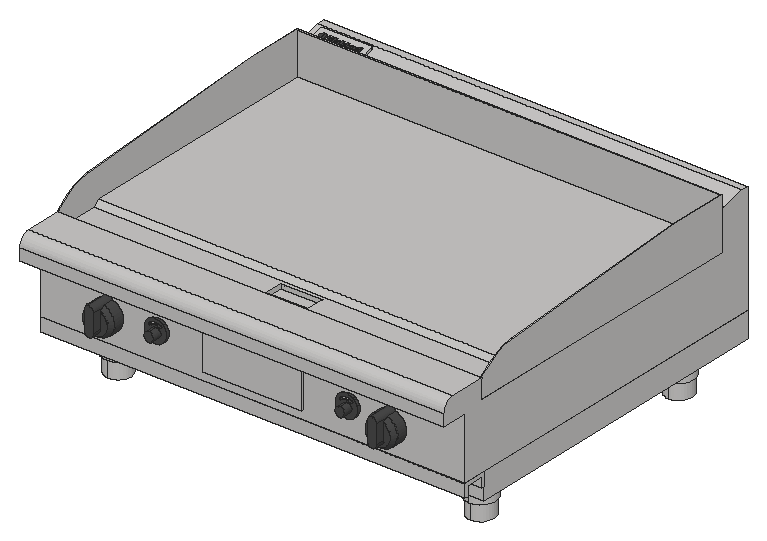
Revit family "QF_MOFFAT WALDORF_GPL8900G-B", category Specialty Equipment, Revit 2012
Parameters
  Width [instance] = 900.0 mm  # constant formula
  Weight in Pounds = 346.1253
  URL Cutsheet = "www.moffat.com"
  URL = "www.moffat.com"
  Type Mark [instance] = ""
  Status [instance] = ""
  Specification by User [instance] = ""
  Specification by Manufacturer = ""
  Show Logo [instance] = yes
  Serial Number = ""
  Seismic Rating = ""
  SMACNA No = ""
  Revision Code [instance] = ""
  Omniclass Number and Title = ""
  NAFEM Spec ID Number = ""
  Model = "GPL8900G-B"
  Mechanical Remarks [instance] = ""
  Mechanical Connection Type [instance] = ""
  Masterspec = ""
  Manufacturer = "MOFFAT WALDORF"
  Item Number [instance] = ""
  Installed By [instance] = ""
  Identify Quantity as Lot [instance] = yes
  Height [instance] = 370.0 mm  # constant formula
  Gas Size = 3/4"
  Gas RI Height [instance] = 0.0 mm
  Gas KW [instance] = 22.2
  Gas Input [instance] = 75825.0 Btu/h
  Gas Connection Height = 0.0 mm
  Furnished By [instance] = ""
  Foodservice Equipment Identifier [instance] = yes
  Description = "GRIDDLE PLATE LOW SPLASHBACK GAS BENCH MOUNT"
  Depth [instance] = 805.0 mm  # constant formula
  CSI MasterFormat = ""
  CSI Master Format = ""
  Base Height [instance] = 80.0 mm
Reference planes
  plane 1 "BACK": y = 0
  plane 2: z = 0
  plane 3 "LEFT": x = 0
  plane 4 "RIGHT": x = 900
  plane 5 "FRONT": y = -805
  plane 6 "TOP": z = 370
  plane 7 "Center Y": x = 450
  plane 8 "Center X": y = -402.5
  plane 9 "Base Height": z = 80
  plane 10: x = 65
  plane 11: x = 834
Forms (mm)
  Extrusion 1, solid, material "QF_Finishes_Stainless Steel"
    sketch origin (0, 0, 0) x (0, 1, 0) y (0, 0, 1)
      loop
        line (-805, 291) -> (-805, 266) -> (-749, 266) -> (-749, 135) -> (0, 135) -> (0, 370) -> (-15, 370) -> (-61.106, 357.646)
        arc (-61.106, 357.646) -> (-67.52, 353.36) -> (-70, 346.055) r 12
        line (-70, 346.055) -> (-70, 275) -> (-705, 275) -> (-705, 315) -> (-781, 315)
        arc (-781, 315) -> (-797.971, 307.971) -> (-805, 291) r 24
      loop
        line (0, 80) -> (0, 134.206) -> (-699, 134.206) -> (-699, 80) -> (0, 80)
      loop
        line (-749, 134.206) -> (-749, 107.019) -> (-742.6, 107.019) -> (-742.6, 127.806) -> (-706.4, 127.806) -> (-706.4, 107.019) -> (-700, 107.019) -> (-700, 134.206) -> (-749, 134.206)
    from 0 to 900
  Revolve 2, solid, material "QF_Finishes_Stainless Steel"
    sketch origin (834, -210, 0) x (0, 1, 0) y (0, 0, -1)
      loop
        line (78.25, -80) -> (110, -80) -> (110, 0) -> (82.5, 0) -> (82.5, -35) -> (78.25, -35) -> (78.25, -80)
      axis (110, -80) -> (110, 0)
    angle from 0 to 360
  Revolve 3, solid, material "QF_Finishes_Stainless Steel"
    sketch origin (65, -210, 0) x (0, 1, 0) y (0, 0, 1)
      loop
        line (78.25, 80) -> (78.25, 35) -> (82.5, 35) -> (82.5, 0) -> (110, 0) -> (110, 80) -> (78.25, 80)
      axis (110, 80) -> (110, 0)
    angle from 0 to 360
  Extrusion 4, solid, material "QF_Finishes_Stainless Steel"
    sketch origin (705, 3, -500) x (1, 0, 0) y (0, 1, 0)
      loop
        circle (64, -35) r 13.5
    from 555 to 580
  Revolve 5, solid, material "QF_Finishes_Black"
    sketch origin (150, 0, -0.127) x (0, 1, 0) y (0, 0, -1)
      loop
        line (-782, -229.5) -> (-759, -229.5) -> (-759, -202) -> (-749, -202) -> (-749, -197) -> (-793, -197) -> (-793, -223.651) -> (-782, -229.5)
      axis (-793, -197) -> (-749, -197)
    angle from 0 to 360
  Extrusion 6, solid, material "QF_Finishes_Black"
    sketch origin (288.27, 0, 0.031) x (-1, 0, 0) y (0, 0, -1)
      loop
        arc (148.269, -184.969) -> (138.269, -174.969) -> (128.269, -184.969) r 10
        line (128.269, -184.969) -> (128.269, -223.969)
        arc (128.269, -223.969) -> (138.269, -233.969) -> (148.269, -223.969) r 10
        line (148.269, -223.969) -> (148.269, -184.969)
    from 759 to 808
  Revolve 7, solid, material "QF_Finishes_Stainless Steel"
    sketch origin (834, -735, 0) x (0, 1, 0) y (0, 0, -1)
      loop
        line (78.25, -80) -> (110, -80) -> (110, 0) -> (82.5, 0) -> (82.5, -35) -> (78.25, -35) -> (78.25, -80)
      axis (110, -80) -> (110, 0)
    angle from 0 to 360
  Revolve 8, solid, material "QF_Finishes_Stainless Steel"
    sketch origin (65, -735, 0) x (0, 1, 0) y (0, 0, 1)
      loop
        line (78.25, 80) -> (78.25, 35) -> (82.5, 35) -> (82.5, 0) -> (110, 0) -> (110, 80) -> (78.25, 80)
      axis (110, 80) -> (110, 0)
    angle from 0 to 360
  Extrusion 9, solid, material "QF_Finishes_Stainless Steel"
    sketch origin (-295, -749, 266) x (0, 0, -1) y (1, 0, 0)
      loop
        line (26.5, 640) -> (113.5, 640) -> (113.5, 850) -> (26.5, 850) -> (26.5, 640)
    from 0 to 2.5
  Extrusion 10, solid, material "QF_Finishes_Stainless Steel"
    sketch origin (-295, -751.5, 266) x (0, 0, -1) y (1, 0, 0)
      loop
        line (33.5, 850) -> (26.5, 850) -> (26.5, 640) -> (33.5, 640) -> (33.5, 850)
    from 0 to 5
  Extrusion 11, solid, material "QF_Finishes_Black"
    sketch origin (0, -749, 266) x (0, 0, -1) y (1, 0, 0)
      loop
        circle (68.75, 247.5) r 24
      loop
        arc (58.85, 262.413) -> (50.814, 247.625) -> (58.632, 232.719) r 17.868
        arc (58.632, 232.719) -> (59.112, 232.434) -> (59.627, 232.649) r 0.621
        arc (59.627, 232.649) -> (61.064, 235.208) -> (61.408, 238.122) r 7.495
        arc (61.408, 238.122) -> (61.204, 239.05) -> (60.756, 239.888) r 3.472
        arc (60.756, 239.888) -> (58.464, 247.351) -> (60.594, 254.862) r 13.786
        arc (60.594, 254.862) -> (61.234, 256.132) -> (61.499, 257.528) r 5.101
        arc (61.499, 257.528) -> (61.128, 260.047) -> (59.834, 262.239) r 6.611
        arc (59.834, 262.239) -> (59.372, 262.497) -> (58.85, 262.413) r 0.806
    from 0 to 5
  Extrusion 12, solid, material "QF_Finishes_Black"
    sketch origin (0, -754, 266) x (0, 0, -1) y (1, 0, 0)
      loop
        circle (72.25, 247.5) r 10
    from 0 to 18.251
  Revolve 13, solid, material "QF_Finishes_Black"
    sketch origin (750, 0, -0.127) x (0, 1, 0) y (0, 0, 1)
      loop
        line (-782, 229.5) -> (-793, 223.651) -> (-793, 197) -> (-749, 197) -> (-749, 202) -> (-759, 202) -> (-759, 229.5) -> (-782, 229.5)
      axis (-793, 197) -> (-749, 197)
    angle from 0 to 360
  Extrusion 14, solid, material "QF_Finishes_Black"
    sketch origin (611.73, 0, 0.031) x (1, 0, 0) y (0, 0, 1)
      loop
        line (148.269, 184.969) -> (148.269, 223.969)
        arc (148.269, 223.969) -> (138.269, 233.969) -> (128.269, 223.969) r 10
        line (128.269, 223.969) -> (128.269, 184.969)
        arc (128.269, 184.969) -> (138.269, 174.969) -> (148.269, 184.969) r 10
    from 759 to 808
  Extrusion 15, solid, material "QF_Finishes_Black"
    sketch origin (900, -749, 266) x (0, 0, -1) y (1, 0, 0)
      loop
        circle (68.75, -247.5) r 24
      loop
        arc (58.85, -262.413) -> (59.372, -262.497) -> (59.834, -262.239) r 0.806
        arc (59.834, -262.239) -> (61.128, -260.047) -> (61.499, -257.528) r 6.611
        arc (61.499, -257.528) -> (61.234, -256.132) -> (60.594, -254.862) r 5.101
        arc (60.594, -254.862) -> (58.464, -247.351) -> (60.756, -239.888) r 13.786
        arc (60.756, -239.888) -> (61.204, -239.05) -> (61.408, -238.122) r 3.472
        arc (61.408, -238.122) -> (61.064, -235.208) -> (59.627, -232.649) r 7.495
        arc (59.627, -232.649) -> (59.112, -232.434) -> (58.632, -232.719) r 0.621
        arc (58.632, -232.719) -> (50.814, -247.625) -> (58.85, -262.413) r 17.868
    from 0 to 5
  Extrusion 16, solid, material "QF_Finishes_Black"
    sketch origin (900, -754, 266) x (0, 0, -1) y (1, 0, 0)
      loop
        circle (72.25, -247.5) r 10
    from 0 to 18.251
Cuts and joins
  joined: Revolve 5, Extrusion 6
  joined: Extrusion 9, Extrusion 10
Lines and regions (mm)
  Split face 1
    outline origin (49.063, -18.622, 369.029) x (0, -0.965926, -0.258819) y (1, 0, 0)
      loop
        line (1.427, 105.5) -> (34.83, 105.5) -> (34.83, 125.5) -> (1.427, 125.5) -> (1.427, 105.5)
  Split face 2
    outline origin (99.063, -18.622, 369.029) x (0, -0.965926, -0.258819) y (1, 0, 0)
      loop
        line (1.427, 105.5) -> (34.83, 105.5) -> (34.83, 125.5) -> (1.427, 125.5) -> (1.427, 105.5)
  Split face 3
    outline origin (149.062, -18.622, 369.029) x (0, -0.965926, -0.258819) y (1, 0, 0)
      loop
        line (1.427, 105.5) -> (34.83, 105.5) -> (34.83, 125.5) -> (1.427, 125.5) -> (1.427, 105.5)
  Split face 4
    outline origin (-95.937, -18.622, 369.029) x (0, -0.965926, -0.258819) y (1, 0, 0)
      loop
        line (1.427, 405.5) -> (34.83, 405.5) -> (34.83, 425.5) -> (1.427, 425.5) -> (1.427, 405.5)
  Split face 5
    outline origin (-45.938, -18.622, 369.029) x (0, -0.965926, -0.258819) y (1, 0, 0)
      loop
        line (1.427, 405.5) -> (34.83, 405.5) -> (34.83, 425.5) -> (1.427, 425.5) -> (1.427, 405.5)
  Split face 6
    outline origin (4.062, -18.622, 369.029) x (0, -0.965926, -0.258819) y (1, 0, 0)
      loop
        line (1.427, 405.5) -> (34.83, 405.5) -> (34.83, 425.5) -> (1.427, 425.5) -> (1.427, 405.5)
  Split face 7
    outline origin (54.062, -18.622, 369.029) x (0, -0.965926, -0.258819) y (1, 0, 0)
      loop
        line (1.427, 405.5) -> (34.83, 405.5) -> (34.83, 425.5) -> (1.427, 425.5) -> (1.427, 405.5)
  Split face 8
    outline origin (104.062, -18.622, 369.029) x (0, -0.965926, -0.258819) y (1, 0, 0)
      loop
        line (1.427, 405.5) -> (34.83, 405.5) -> (34.83, 425.5) -> (1.427, 425.5) -> (1.427, 405.5)
  Split face 9
    outline origin (154.062, -18.622, 369.029) x (0, -0.965926, -0.258819) y (1, 0, 0)
      loop
        line (1.427, 405.5) -> (34.83, 405.5) -> (34.83, 425.5) -> (1.427, 425.5) -> (1.427, 405.5)
  Split face 10
    outline origin (204.062, -18.622, 369.029) x (0, -0.965926, -0.258819) y (1, 0, 0)
      loop
        line (1.427, 405.5) -> (34.83, 405.5) -> (34.83, 425.5) -> (1.427, 425.5) -> (1.427, 405.5)
  Split face 11
    outline origin (254.062, -18.622, 369.029) x (0, -0.965926, -0.258819) y (1, 0, 0)
      loop
        line (1.427, 405.5) -> (34.83, 405.5) -> (34.83, 425.5) -> (1.427, 425.5) -> (1.427, 405.5)
  symbolic lines, visible <- "Show Logo"
    curve 1: line (12.5, -52.06, 0) -> (12.5, -21.099, 0)
    curve 2: line (121.5, -21.099, 0) -> (121.5, -52.06, 0)
    curve 3: line (12.5, -21.099, 0) -> (121.5, -21.099, 0)
    curve 4: line (12.5, -52.06, 0) -> (121.5, -52.06, 0)
  symbolic lines
    curve 5: line (154.563, -52.265, 0) -> (154.563, -20.001, 0)
    curve 6: line (154.563, -20.001, 0) -> (174.562, -20.001, 0)
    curve 7: line (174.562, -20.001, 0) -> (174.562, -52.265, 0)
    curve 8: line (174.562, -52.265, 0) -> (154.563, -52.265, 0)
    curve 9: line (204.563, -20.001, 0) -> (204.563, -52.265, 0)
    curve 10: line (204.563, -52.265, 0) -> (224.562, -52.265, 0)
    curve 11: line (224.562, -52.265, 0) -> (224.562, -20.001, 0)
    curve 12: line (224.562, -20.001, 0) -> (204.563, -20.001, 0)
    curve 13: line (254.563, -20.001, 0) -> (254.563, -52.265, 0)
    curve 14: line (254.563, -52.265, 0) -> (274.562, -52.265, 0)
    curve 15: line (274.562, -52.265, 0) -> (274.562, -20.001, 0)
    curve 16: line (274.562, -20.001, 0) -> (254.563, -20.001, 0)
    curve 17: line (309.563, -52.345, 0) -> (309.563, -20.001, 0)
    curve 18: line (309.563, -20.001, 0) -> (329.563, -20.001, 0)
    curve 19: line (329.563, -20.001, 0) -> (329.563, -52.345, 0)
    curve 20: line (329.563, -52.345, 0) -> (309.563, -52.345, 0)
    curve 21: line (0, -805, 0) -> (900, -805, 0)
    curve 22: line (0, 0, 0) -> (0, -805, 0)
    curve 23: line (900, 0, 0) -> (0, 0, 0)
    curve 24: line (0, -70, 0) -> (900, -70, 0)
    curve 25: line (900, -705, 0) -> (0, -705, 0)
    curve 26: line (359.563, -52.265, 0) -> (359.563, -20.001, 0)
    curve 27: line (359.563, -20.001, 0) -> (379.563, -20.001, 0)
    curve 28: line (379.563, -20.001, 0) -> (379.563, -52.265, 0)
    curve 29: line (379.563, -52.265, 0) -> (359.563, -52.265, 0)
    curve 30: line (409.563, -52.265, 0) -> (409.563, -20.001, 0)
    curve 31: line (409.563, -20.001, 0) -> (429.563, -20.001, 0)
    curve 32: line (429.563, -20.001, 0) -> (429.563, -52.265, 0)
    curve 33: line (429.563, -52.265, 0) -> (409.563, -52.265, 0)
    curve 34: line (459.563, -52.265, 0) -> (459.563, -20.001, 0)
    curve 35: line (459.563, -20.001, 0) -> (479.563, -20.001, 0)
    curve 36: line (479.563, -20.001, 0) -> (479.563, -52.265, 0)
    curve 37: line (479.563, -52.265, 0) -> (459.563, -52.265, 0)
    curve 38: line (509.563, -52.265, 0) -> (509.563, -20.001, 0)
    curve 39: line (509.563, -20.001, 0) -> (529.563, -20.001, 0)
    curve 40: line (529.563, -20.001, 0) -> (529.563, -52.265, 0)
    curve 41: line (529.563, -52.265, 0) -> (509.563, -52.265, 0)
    curve 42: line (559.563, -52.265, 0) -> (559.563, -20.001, 0)
    curve 43: line (559.563, -20.001, 0) -> (579.563, -20.001, 0)
    curve 44: line (579.563, -20.001, 0) -> (579.563, -52.265, 0)
    curve 45: line (579.563, -52.265, 0) -> (559.563, -52.265, 0)
    curve 46: line (609.563, -52.265, 0) -> (609.563, -20.001, 0)
    curve 47: line (609.563, -20.001, 0) -> (629.563, -20.001, 0)
    curve 48: line (629.563, -20.001, 0) -> (629.563, -52.265, 0)
    curve 49: line (629.563, -52.265, 0) -> (609.563, -52.265, 0)
    curve 50: line (659.563, -52.265, 0) -> (659.563, -20.001, 0)
    curve 51: line (659.563, -20.001, 0) -> (679.563, -20.001, 0)
    curve 52: line (679.563, -20.001, 0) -> (679.563, -52.265, 0)
    curve 53: line (679.563, -52.265, 0) -> (659.563, -52.265, 0)
    curve 54: line (900, -805, 0) -> (900, 0, 0)
Dimensions and locks
  equal spacing: plane 3 "LEFT", plane 7 "Center Y", plane 4 "RIGHT"
  "Width": plane 3 "LEFT" to plane 4 "RIGHT"
  equal spacing: plane 5 "FRONT", plane 8 "Center X", plane 1 "BACK"
  "Depth": plane 5 "FRONT" to plane 1 "BACK"
  "Base Height": plane 9 "Base Height" to level
  locked: plane 6 "TOP" to plane 9 "Base Height" at 290
  level to Extrusion 4 = 55.0 mm
  locked: Extrusion 4 to plane 9 "Base Height" at 25
  plane 6 "TOP" to nested 1 to nested 1 = 1.498 mm locked, 8.706 mm locked
  plane 6 "TOP" to level = 370.0 mm
  plane 11 to plane 10 = 769.0 mm
  aligned and locked: level to plane 2
  aligned and locked: plane 9 "Base Height" to Extrusion 4
  aligned and locked: Revolve 3 sketch curve to plane 9 "Base Height"
Automatic sketch dimensions
  curve 21 to plane 3 "LEFT" = 0.0 mm
  curve 24 to plane 4 "RIGHT" = 0.0 mm
  plane 1 "BACK" to curve 23 = 0.0 mm
  plane 5 "FRONT" to curve 22 = 0.0 mm
  plane 3 "LEFT" to curve 1 = 12.5 mm
  plane 10 to curve 4 = 56.5 mm
  curve 2 to curve 6 = 33.062 mm
  curve 5 to curve 8 = 20.0 mm
  curve 6 to curve 12 = 30.0 mm
  curve 9 to curve 11 = 20.0 mm
  curve 11 to curve 16 = 30.0 mm
  curve 13 to curve 14 = 20.0 mm
  curve 14 to curve 17 = 35.0 mm
  curve 17 to curve 20 = 20.0 mm
  curve 19 to curve 29 = 30.0 mm
  curve 26 to curve 28 = 20.0 mm
  curve 27 to curve 30 = 30.0 mm
  curve 30 to curve 31 = 20.0 mm
  plane 7 "Center Y" to curve 34 = 9.563 mm
  curve 34 to curve 37 = 20.0 mm
  curve 36 to curve 41 = 30.0 mm
  curve 38 to curve 41 = 20.0 mm
  curve 39 to curve 42 = 30.0 mm
  curve 42 to curve 44 = 20.0 mm
  curve 43 to curve 46 = 30.0 mm
  curve 46 to curve 49 = 20.0 mm
  curve 48 to curve 53 = 30.0 mm
  curve 50 to curve 52 = 20.0 mm
  curve 25 to plane 5 "FRONT" = 100.0 mm
  curve 24 to curve 23 = 70.0 mm
  plane 1 "BACK" to curve 20 = 52.345 mm
  plane 1 "BACK" to curve 7 = 52.265 mm
  plane 1 "BACK" to curve 45 = 52.265 mm
  curve 7 to curve 9 = 0.0 mm
  curve 44 to curve 46 = 0.0 mm
  curve 48 to curve 53 = 0.0 mm
  curve 10 to curve 14 = 0.0 mm
  curve 41 to curve 42 = 0.0 mm
  curve 37 to curve 38 = 0.0 mm
  curve 33 to curve 34 = 0.0 mm
  curve 29 to curve 30 = 0.0 mm
  curve 24 to curve 1 = 17.94 mm
  plane 1 "BACK" to curve 3 = 21.099 mm
  plane 1 "BACK" to curve 32 = 20.001 mm
  plane 1 "BACK" to curve 19 = 20.001 mm
  plane 1 "BACK" to curve 34 = 20.001 mm
  plane 1 "BACK" to curve 16 = 20.001 mm
  plane 1 "BACK" to curve 38 = 20.001 mm
  plane 1 "BACK" to curve 26 = 20.001 mm
  plane 1 "BACK" to curve 42 = 20.001 mm
  plane 1 "BACK" to curve 12 = 20.001 mm
  plane 1 "BACK" to curve 7 = 20.001 mm
  plane 1 "BACK" to curve 46 = 20.001 mm
  plane 1 "BACK" to curve 50 = 20.001 mm
  Extrusion 1 sketch curve to plane 5 "FRONT" = 0.0 mm
  Extrusion 1 sketch curve to plane 9 "Base Height" = 0.0 mm
  Extrusion 1 sketch curve to plane 6 "TOP" = 0.0 mm
  Extrusion 1 sketch curve to plane 1 "BACK" = 0.0 mm  (x2)
  Extrusion 1 sketch curve to plane 5 "FRONT" = 24.0 mm
  Extrusion 1 sketch curve to plane 5 "FRONT" = 56.0 mm
  Extrusion 1 sketch curve to Extrusion 1 sketch curve = 0.0 mm  (x2)
  Extrusion 1 sketch curve to Extrusion 1 sketch curve = 6.4 mm  (x3)
  Extrusion 1 sketch curve to Extrusion 1 sketch curve = 36.2 mm
  Extrusion 1 sketch curve to Extrusion 1 sketch curve = 44.0 mm
  Extrusion 1 sketch curve to Extrusion 1 sketch curve = 1.0 mm
  plane 1 "BACK" to Extrusion 1 sketch curve = 70.0 mm
  Extrusion 1 sketch curve to plane 6 "TOP" = 12.354 mm
  Extrusion 1 sketch curve to Extrusion 1 sketch curve = 8.894 mm
  Extrusion 1 sketch curve to Extrusion 1 sketch curve = 3.106 mm
  plane 1 "BACK" to Extrusion 1 sketch curve = 15.0 mm
  plane 9 "Base Height" to Extrusion 1 sketch curve = 27.019 mm  (x2)
  Extrusion 1 sketch curve to Extrusion 1 sketch curve = 20.787 mm
  Extrusion 1 sketch curve to Extrusion 1 sketch curve = 0.794 mm
  Extrusion 1 sketch curve to plane 6 "TOP" = 104.0 mm
  Extrusion 1 sketch curve to Extrusion 1 sketch curve = 71.055 mm
  Extrusion 1 sketch curve to Extrusion 1 sketch curve = 25.0 mm
  Revolve 2 sketch curve to plane 9 "Base Height" = 0.0 mm
  Revolve 2 sketch curve to level = 0.0 mm
  level to Revolve 2 sketch curve = 35.0 mm
  plane 1 "BACK" to Revolve 2 sketch curve = 131.75 mm
  Revolve 2 sketch curve to Revolve 2 sketch curve = 4.25 mm
  Revolve 2 sketch curve to Revolve 2 sketch curve = 27.5 mm
  Revolve 2 sketch curve to Revolve 2 sketch curve = 0.0 mm
  Revolve 2 sketch curve to Revolve 2 sketch curve = 30.0 mm
  Revolve 2 sketch curve to Revolve 2 sketch curve = 55.0 mm
  Revolve 3 sketch curve to level = 0.0 mm
  level to Revolve 3 sketch curve = 35.0 mm
  plane 1 "BACK" to Revolve 3 sketch curve = 131.75 mm
  Revolve 3 sketch curve to Revolve 3 sketch curve = 4.25 mm
  Revolve 3 sketch curve to Revolve 3 sketch curve = 27.5 mm
  Revolve 3 sketch curve to Revolve 3 sketch curve = 0.0 mm
  Revolve 3 sketch curve to Revolve 3 sketch curve = 55.0 mm
  Revolve 3 sketch curve to Revolve 3 sketch curve = 30.0 mm
  plane 1 "BACK" to Extrusion 4 sketch curve = 32.0 mm
  plane 11 to Extrusion 4 sketch curve = 65.0 mm
  Revolve 5 sketch curve to plane 5 "FRONT" = 12.0 mm
  Revolve 5 sketch curve to Revolve 5 sketch curve = 0.0 mm  (x2)
  Revolve 5 sketch curve to Revolve 5 sketch curve = 11.0 mm
  Revolve 5 sketch curve to Revolve 5 sketch curve = 12.7 mm
  Revolve 5 sketch curve to Revolve 5 sketch curve = 23.0 mm
  Revolve 5 sketch curve to Revolve 5 sketch curve = 10.0 mm
  Revolve 5 sketch curve to plane 6 "TOP" = 140.627 mm
  Revolve 5 sketch curve to Revolve 5 sketch curve = 5.849 mm
  Revolve 5 sketch curve to Revolve 5 sketch curve = 27.5 mm
  Revolve 5 sketch curve to Revolve 5 sketch curve = 5.0 mm
  plane 10 to Extrusion 6 sketch curve = 95.001 mm
  Extrusion 6 sketch curve to Extrusion 6 sketch curve = 10.0 mm
  plane 9 "Base Height" to Extrusion 6 sketch curve = 144.0 mm
  Extrusion 6 sketch curve to Extrusion 6 sketch curve = 39.0 mm
  Extrusion 1 to Split face 1 sketch curve = 5.177 mm
  Split face 1 sketch curve to Extrusion 1 = 9.153 mm
  Split face 1 sketch curve to Extrusion 1 = 154.563 mm
  Split face 1 sketch curve to Split face 1 sketch curve = 20.0 mm
  Revolve 7 sketch curve to plane 9 "Base Height" = 0.0 mm
  Revolve 7 sketch curve to level = 0.0 mm
  level to Revolve 7 sketch curve = 35.0 mm
  Revolve 7 sketch curve to plane 5 "FRONT" = 148.25 mm
  Revolve 7 sketch curve to Revolve 7 sketch curve = 4.25 mm
  Revolve 7 sketch curve to Revolve 7 sketch curve = 27.5 mm
  Revolve 7 sketch curve to Revolve 7 sketch curve = 0.0 mm
  Revolve 7 sketch curve to Revolve 7 sketch curve = 30.0 mm
  Revolve 7 sketch curve to Revolve 7 sketch curve = 55.0 mm
  Revolve 8 sketch curve to plane 9 "Base Height" = 0.0 mm
  Revolve 8 sketch curve to level = 0.0 mm
  level to Revolve 8 sketch curve = 35.0 mm
  Revolve 8 sketch curve to plane 5 "FRONT" = 148.25 mm
  Revolve 8 sketch curve to Revolve 8 sketch curve = 4.25 mm
  Revolve 8 sketch curve to Revolve 8 sketch curve = 27.5 mm
  Revolve 8 sketch curve to Revolve 8 sketch curve = 0.0 mm
  Revolve 8 sketch curve to Revolve 8 sketch curve = 55.0 mm
  Revolve 8 sketch curve to Revolve 8 sketch curve = 30.0 mm
  Extrusion 1 to Split face 2 sketch curve = 5.177 mm
  Split face 2 sketch curve to Extrusion 1 = 9.153 mm
  Split face 2 sketch curve to Extrusion 1 = 204.563 mm
  Split face 2 sketch curve to Split face 2 sketch curve = 20.0 mm
  Extrusion 1 to Split face 3 sketch curve = 5.177 mm
  Split face 3 sketch curve to Extrusion 1 = 9.153 mm
  Split face 3 sketch curve to Extrusion 1 = 254.563 mm
  Split face 3 sketch curve to Split face 3 sketch curve = 20.0 mm
  Extrusion 1 to Split face 4 sketch curve = 5.177 mm
  Split face 4 sketch curve to Extrusion 1 = 9.153 mm
  Split face 4 sketch curve to Extrusion 1 = 309.563 mm
  Split face 4 sketch curve to Split face 4 sketch curve = 20.0 mm
  Extrusion 1 to Split face 5 sketch curve = 5.177 mm
  Split face 5 sketch curve to Extrusion 1 = 9.153 mm
  Split face 5 sketch curve to Extrusion 1 = 359.563 mm
  Split face 5 sketch curve to Split face 5 sketch curve = 20.0 mm
  Extrusion 1 to Split face 6 sketch curve = 5.177 mm
  Split face 6 sketch curve to Extrusion 1 = 9.153 mm
  Split face 6 sketch curve to Extrusion 1 = 409.563 mm
  Split face 6 sketch curve to Split face 6 sketch curve = 20.0 mm
  Extrusion 1 to Extrusion 9 sketch curve = 26.5 mm
  Extrusion 9 sketch curve to Extrusion 1 = 17.5 mm
  Extrusion 1 to Extrusion 9 sketch curve = 345.0 mm
  Extrusion 9 sketch curve to Extrusion 9 sketch curve = 210.0 mm
  Extrusion 10 sketch curve to Extrusion 9 = 0.0 mm  (x2)
  Extrusion 9 to Extrusion 10 sketch curve = 0.0 mm
  Extrusion 10 sketch curve to Extrusion 9 = 7.0 mm
  Extrusion 1 to Extrusion 11 sketch curve = 53.937 mm
  Extrusion 11 sketch curve to Extrusion 11 sketch curve = 0.958 mm
  Extrusion 11 sketch curve to Extrusion 11 sketch curve = 1.509 mm
  Extrusion 11 sketch curve to Extrusion 11 sketch curve = 4.01 mm
  Extrusion 11 sketch curve to Extrusion 11 sketch curve = 0.685 mm
  Extrusion 11 sketch curve to Extrusion 11 sketch curve = 2.447 mm
  Extrusion 11 sketch curve to Extrusion 11 sketch curve = 0.524 mm
  Extrusion 11 sketch curve to Extrusion 11 sketch curve = 0.381 mm
  Extrusion 11 sketch curve to Extrusion 11 sketch curve = 0.472 mm
  Extrusion 11 sketch curve to Extrusion 11 sketch curve = 0.0 mm  (x5)
  Extrusion 11 sketch curve to Extrusion 11 sketch curve = 0.602 mm
  Extrusion 11 sketch curve to Extrusion 11 sketch curve = 4.19 mm
  Extrusion 11 sketch curve to Extrusion 11 sketch curve = 2.809 mm
  Extrusion 11 sketch curve to Extrusion 11 sketch curve = 0.652 mm
  Extrusion 11 sketch curve to Extrusion 11 sketch curve = 0.905 mm
  Extrusion 11 sketch curve to Extrusion 11 sketch curve = 8.087 mm
  Extrusion 11 sketch curve to Extrusion 11 sketch curve = 0.069 mm
  Extrusion 11 sketch curve to Extrusion 11 sketch curve = 3.5 mm
  Extrusion 1 to Extrusion 11 sketch curve = 232.649 mm
  Extrusion 11 sketch curve to Extrusion 11 sketch curve = 0.07 mm
  Extrusion 11 sketch curve to Extrusion 11 sketch curve = 7.606 mm
  Extrusion 11 sketch curve to Extrusion 11 sketch curve = 0.007 mm
  Extrusion 1 to Split face 7 sketch curve = 5.177 mm
  Split face 7 sketch curve to Extrusion 1 = 9.153 mm
  Split face 7 sketch curve to Extrusion 1 = 440.437 mm
  Split face 7 sketch curve to Split face 7 sketch curve = 20.0 mm
  Revolve 13 sketch curve to plane 5 "FRONT" = 12.0 mm
  Revolve 13 sketch curve to Revolve 13 sketch curve = 0.0 mm  (x2)
  Revolve 13 sketch curve to Revolve 13 sketch curve = 11.0 mm
  Revolve 13 sketch curve to Revolve 13 sketch curve = 12.7 mm
  Revolve 13 sketch curve to Revolve 13 sketch curve = 23.0 mm
  Revolve 13 sketch curve to Revolve 13 sketch curve = 10.0 mm
  plane 9 "Base Height" to Revolve 13 sketch curve = 116.873 mm
  Revolve 13 sketch curve to Revolve 13 sketch curve = 5.0 mm
  Revolve 13 sketch curve to Revolve 13 sketch curve = 26.651 mm
  Revolve 13 sketch curve to Revolve 13 sketch curve = 5.849 mm
  plane 11 to Extrusion 14 sketch curve = 94.001 mm
  Extrusion 14 sketch curve to Extrusion 14 sketch curve = 10.0 mm
  plane 9 "Base Height" to Extrusion 14 sketch curve = 105.0 mm
  Extrusion 14 sketch curve to Extrusion 14 sketch curve = 39.0 mm
  Extrusion 1 to Extrusion 15 sketch curve = 53.937 mm
  Extrusion 15 sketch curve to Extrusion 15 sketch curve = 0.958 mm
  Extrusion 15 sketch curve to Extrusion 15 sketch curve = 1.509 mm
  Extrusion 15 sketch curve to Extrusion 15 sketch curve = 4.01 mm
  Extrusion 15 sketch curve to Extrusion 15 sketch curve = 0.685 mm
  Extrusion 15 sketch curve to Extrusion 15 sketch curve = 2.447 mm
  Extrusion 15 sketch curve to Extrusion 15 sketch curve = 0.524 mm
  Extrusion 15 sketch curve to Extrusion 15 sketch curve = 0.381 mm
  Extrusion 15 sketch curve to Extrusion 15 sketch curve = 0.472 mm
  Extrusion 15 sketch curve to Extrusion 15 sketch curve = 0.0 mm  (x5)
  Extrusion 15 sketch curve to Extrusion 15 sketch curve = 0.602 mm
  Extrusion 15 sketch curve to Extrusion 15 sketch curve = 4.19 mm
  Extrusion 15 sketch curve to Extrusion 15 sketch curve = 2.809 mm
  Extrusion 15 sketch curve to Extrusion 15 sketch curve = 0.652 mm
  Extrusion 15 sketch curve to Extrusion 15 sketch curve = 0.905 mm
  Extrusion 15 sketch curve to Extrusion 15 sketch curve = 8.087 mm
  Extrusion 15 sketch curve to Extrusion 15 sketch curve = 0.069 mm
  Extrusion 15 sketch curve to Extrusion 15 sketch curve = 3.5 mm
  Extrusion 1 to Extrusion 15 sketch curve = 262.413 mm
  Extrusion 15 sketch curve to Extrusion 15 sketch curve = 0.175 mm
  Extrusion 15 sketch curve to Extrusion 15 sketch curve = 7.362 mm
  Extrusion 15 sketch curve to Extrusion 15 sketch curve = 0.007 mm
  Extrusion 1 to Split face 8 sketch curve = 5.177 mm
  Split face 8 sketch curve to Extrusion 1 = 9.153 mm
  Split face 8 sketch curve to Extrusion 1 = 390.437 mm
  Split face 8 sketch curve to Split face 8 sketch curve = 20.0 mm
  Extrusion 1 to Split face 9 sketch curve = 5.177 mm
  Split face 9 sketch curve to Extrusion 1 = 9.153 mm
  Split face 9 sketch curve to Extrusion 1 = 340.437 mm
  Split face 9 sketch curve to Split face 9 sketch curve = 20.0 mm
  Extrusion 1 to Split face 10 sketch curve = 5.177 mm
  Split face 10 sketch curve to Extrusion 1 = 9.153 mm
  Split face 10 sketch curve to Extrusion 1 = 290.437 mm
  Split face 10 sketch curve to Split face 10 sketch curve = 20.0 mm
  Extrusion 1 to Split face 11 sketch curve = 5.177 mm
  Split face 11 sketch curve to Extrusion 1 = 9.153 mm
  Split face 11 sketch curve to Extrusion 1 = 240.437 mm
  Split face 11 sketch curve to Split face 11 sketch curve = 20.0 mm
  radius of Extrusion 4 sketch curve = 13.5 mm
  radius of Extrusion 11 sketch curve = 24.0 mm
  radius of Extrusion 12 sketch curve to Extrusion 11 = 3.786 mm
  radius of Extrusion 15 sketch curve = 24.0 mm
  radius of Extrusion 16 sketch curve to Extrusion 15 = 3.786 mm
Nested families
  nested 1: "WALDORF LOGO" at (12.5, -36.099, 347.942), visible <- "Show Logo", type "WALDORF LOGO", detail levels medium+fine
    with Type Mark "", Status "", Specification by User "", Show Logo yes, Revision Code "", Item Number "", Installed By "", Identify Quantity as Lot yes, Furnished By "", Foodservice Equipment Identifier yes
  nested 2: "GAS GRIDDLE PLATE" at (0, -70, 274.5), type "GAS GRIDDLE PLATE"
    with Type Mark "", Status "", Specification by User "", Show Clearance yes, Revision Code "", Item Number "", Installed By "", Identify Quantity as Lot yes, Furnished By "", Foodservice Equipment Identifier yes
Connectors
  piping at (769, -32, 55)
    settings: on Extrusion 4, index 2, connector radius 0.37402", flow factor 0, pipe flow 0 GPM, pressure drop 0.00 psi, fitting loss kfactor 0, connector angle 0.00°, fixture units 0, engagement length 0.0 mm, flow configuration 1, flow direction 1, fitting loss method 0, system type 7, joint type 0, gender type 0, connector reference index -1, connector utility 0, adjustable connector no, is connector primary yes, fitting loss table "", connector description "GAS CONNECTION"
Definition of nested family "WALDORF LOGO"
  Parameters (values of type "WALDORF LOGO")
    Weight in Pounds = 0
    URL Cutsheet = ""
    Type Mark [instance] = ""
    Status [instance] = ""
    Specification by User [instance] = ""
    Specification by Manufacturer = ""
    Show Logo [instance] = yes
    Serial Number = ""
    Seismic Rating = ""
    SMACNA No = ""
    Revision Code [instance] = ""
    Omniclass Number and Title = ""
    NAFEM Spec ID Number = ""
    Masterspec = ""
    Item Number [instance] = ""
    Installed By [instance] = ""
    Identify Quantity as Lot [instance] = yes
    Furnished By [instance] = ""
    Foodservice Equipment Identifier [instance] = yes
    CSI MasterFormat = ""
    CSI Master Format = ""
  Reference planes
    plane 1 "BACK": y = 0
    plane 2: z = 0
    plane 3 "LEFT": x = 0
    plane 4 "RIGHT": x = 109
    plane 5 "FRONT": y = -1.588
    plane 6 "TOP": z = 34.14
    plane 7 "Center Y": x = 54.5
    plane 8 "Center X": y = -0.794
  Forms (mm)
    Extrusion 1, solid, material "QF_Finishes_Stainless Steel", visible <- "Show Logo"
      sketch origin (0, -16.884, 11.854) x (1, 0, 0) y (0, 0.966938, 0.255012)
        loop
          arc (5, 34.14) -> (1.464, 32.676) -> (0, 29.14) r 5
          line (0, 29.14) -> (0, 5)
          arc (0, 5) -> (1.464, 1.464) -> (5, 0) r 5
          line (5, 0) -> (104, 0)
          arc (104, 0) -> (107.536, 1.464) -> (109, 5) r 5
          line (109, 5) -> (109, 29.14)
          arc (109, 29.14) -> (107.536, 32.676) -> (104, 34.14) r 5
          line (104, 34.14) -> (5, 34.14)
      from 0 to 1.588
    Extrusion 2, solid, material "QF_Finishes_Black", visible <- "Show Logo"
      sketch origin (0, -17.288, 13.389) x (1, 0, 0) y (0, 0.966938, 0.255012)
        loop
          line (24.772, 23.214) -> (27.992, 10.301) -> (31.551, 10.301) -> (33.443, 17.364) -> (35.205, 10.301) -> (39.332, 10.301) -> (42.077, 23.214) -> (38.352, 23.214) -> (36.676, 15.33) -> (35, 23.214) -> (31.752, 23.214) -> (30.076, 15.33) -> (28.4, 23.214) -> (24.772, 23.214)
        loop
          line (42.272, 17.055) -> (45.703, 17.055)
          spline (45.703, 17.055) -> (45.741, 17.285) -> (45.852, 17.499) -> (46.028, 17.682) -> (46.258, 17.823) -> (46.526, 17.912) -> (46.813, 17.942) -> (47.1, 17.912) -> (47.368, 17.823) -> (47.597, 17.682) -> (47.774, 17.499) -> (47.884, 17.285) -> (47.922, 17.055)
          line (47.922, 17.055) -> (47.922, 16.222)
          arc (47.922, 16.222) -> (45.742, 16.014) -> (43.665, 15.317) r 9.604
          arc (43.665, 15.317) -> (41.924, 12.809) -> (43.665, 10.301) r 2.677
          arc (43.665, 10.301) -> (45.527, 10.353) -> (47.332, 10.816) r 8.365
          line (47.332, 10.816) -> (48.092, 11.105) -> (48.092, 10.301) -> (51.817, 10.301) -> (51.817, 17.055)
          spline (51.817, 17.055) -> (51.654, 17.821) -> (51.178, 18.535) -> (50.419, 19.148) -> (49.431, 19.619) -> (48.28, 19.914) -> (47.044, 20.015) -> (45.809, 19.914) -> (44.658, 19.619) -> (43.67, 19.148) -> (42.911, 18.535) -> (42.434, 17.821) -> (42.272, 17.055)
        loop
          line (53.151, 23.214) -> (53.151, 10.301) -> (57.37, 10.301) -> (57.37, 23.214) -> (53.151, 23.214)
        loop
          line (64.874, 23.214) -> (64.874, 18.857)
          arc (64.874, 18.857) -> (58.083, 15.11) -> (64.874, 11.363) r 4.429
          line (64.874, 11.363) -> (64.874, 10.301) -> (68.378, 10.301) -> (68.378, 23.214) -> (64.874, 23.214)
        loop
          arc (64.874, 16.083) -> (61.41, 14.987) -> (64.874, 13.891) r 1.905
          line (64.874, 13.891) -> (64.874, 16.083)
        loop
          circle (74.623, 15.223) r 5
        loop
          spline (74.623, 17.856) -> (74.355, 17.766) -> (74.105, 17.503) -> (73.891, 17.084) -> (73.726, 16.539) -> (73.623, 15.904) -> (73.588, 15.223) -> (73.623, 14.541) -> (73.726, 13.906) -> (73.891, 13.361) -> (74.105, 12.942) -> (74.355, 12.679) -> (74.623, 12.59)
          spline (74.623, 12.59) -> (74.891, 12.679) -> (75.141, 12.942) -> (75.355, 13.361) -> (75.52, 13.906) -> (75.623, 14.541) -> (75.659, 15.223) -> (75.623, 15.904) -> (75.52, 16.539) -> (75.355, 17.084) -> (75.141, 17.503) -> (74.891, 17.766) -> (74.623, 17.856)
        loop
          line (81.255, 19.813) -> (81.255, 10.301) -> (84.834, 10.301) -> (84.834, 14.176)
          arc (84.834, 14.176) -> (85.854, 16.093) -> (88.013, 16.32) r 2.313
          line (88.013, 16.32) -> (88.013, 19.813) -> (87.161, 19.813)
          arc (87.161, 19.813) -> (85.526, 19.266) -> (84.549, 17.844) r 2.717
          line (84.549, 17.844) -> (84.549, 19.813) -> (81.255, 19.813)
        loop
          line (90.249, 19.813) -> (88.91, 19.813) -> (88.91, 17.614) -> (90.249, 17.614) -> (90.249, 10.301) -> (93.998, 10.301) -> (93.998, 17.614) -> (95.418, 17.614) -> (95.418, 19.813) -> (93.998, 19.813)
          arc (93.998, 19.813) -> (94.414, 20.817) -> (95.418, 21.233) r 1.42
          line (95.418, 21.233) -> (95.418, 23.602) -> (93.317, 23.602)
          arc (93.317, 23.602) -> (91.343, 22.903) -> (90.249, 21.118) r 3.137
          line (90.249, 21.118) -> (90.249, 19.813)
        loop
          arc (15.241, 23.571) -> (8.392, 16.525) -> (15.241, 9.479) r 7.049
          line (15.241, 9.479) -> (15.241, 23.571)
        loop
          line (15.641, 23.571) -> (15.641, 9.479)
          arc (15.641, 9.479) -> (22.49, 16.525) -> (15.641, 23.571) r 7.049
        loop
          arc (47.922, 14.711) -> (46.266, 13.749) -> (47.922, 12.787) r 1.107
          line (47.922, 12.787) -> (47.922, 14.711)
      from 0 to 0.2
  Dimensions and locks
    equal spacing: plane 3 "LEFT", plane 7 "Center Y", plane 4 "RIGHT"
    plane 3 "LEFT" to plane 4 "RIGHT" = 109.0 mm
    equal spacing: plane 5 "FRONT", plane 8 "Center X", plane 1 "BACK"
    plane 5 "FRONT" to plane 1 "BACK" = 1.588 mm
    aligned and locked: level to plane 2
  Automatic sketch dimensions
    Extrusion 1 sketch curve to plane 3 "LEFT" = 0.0 mm
    Extrusion 1 sketch curve to plane 4 "RIGHT" = 0.0 mm
    plane 3 "LEFT" to Extrusion 1 sketch curve = 5.0 mm  (x2)
    plane 4 "RIGHT" to Extrusion 1 sketch curve = 5.0 mm  (x2)
    Extrusion 1 sketch curve to Extrusion 1 sketch curve = 24.14 mm
    Extrusion 2 sketch curve to Extrusion 2 sketch curve = 0.0 mm  (x14)
    Extrusion 2 sketch curve to Extrusion 1 = 15.241 mm
    Extrusion 2 sketch curve to Extrusion 2 sketch curve = 0.2 mm
    Extrusion 2 sketch curve to Extrusion 2 sketch curve = 0.4 mm
    Extrusion 2 sketch curve to Extrusion 2 sketch curve = 9.131 mm
    Extrusion 2 sketch curve to Extrusion 1 = 10.301 mm  (x2)
    Extrusion 2 sketch curve to Extrusion 2 sketch curve = 12.351 mm
    Extrusion 2 sketch curve to Extrusion 2 sketch curve = 3.628 mm
    Extrusion 2 sketch curve to Extrusion 2 sketch curve = 2.084 mm
    Extrusion 2 sketch curve to Extrusion 2 sketch curve = 3.559 mm
    Extrusion 2 sketch curve to Extrusion 1 = 10.926 mm  (x2)
    Extrusion 2 sketch curve to Extrusion 2 sketch curve = 3.352 mm  (x2)
    Extrusion 2 sketch curve to Extrusion 2 sketch curve = 3.367 mm
    Extrusion 2 sketch curve to Extrusion 2 sketch curve = 3.249 mm
    Extrusion 2 sketch curve to Extrusion 2 sketch curve = 3.654 mm
    Extrusion 2 sketch curve to Extrusion 1 = 15.33 mm
    Extrusion 2 sketch curve to Extrusion 2 sketch curve = 3.233 mm
    Extrusion 2 sketch curve to Extrusion 2 sketch curve = 4.128 mm
    Extrusion 2 sketch curve to Extrusion 2 sketch curve = 3.725 mm
    Extrusion 2 sketch curve to Extrusion 2 sketch curve = 5.596 mm
    Extrusion 2 sketch curve to Extrusion 2 sketch curve = 4.333 mm
    Extrusion 2 sketch curve to Extrusion 2 sketch curve = 1.394 mm
    Extrusion 2 sketch curve to Extrusion 2 sketch curve = 2.092 mm
    Extrusion 2 sketch curve to Extrusion 2 sketch curve = 0.936 mm
    Extrusion 2 sketch curve to Extrusion 2 sketch curve = 1.34 mm
    Extrusion 2 sketch curve to Extrusion 2 sketch curve = 1.109 mm
    Extrusion 2 sketch curve to Extrusion 2 sketch curve = 0.232 mm
    Extrusion 2 sketch curve to Extrusion 2 sketch curve = 2.731 mm
    Extrusion 2 sketch curve to Extrusion 2 sketch curve = 0.549 mm  (x2)
    Extrusion 2 sketch curve to Extrusion 2 sketch curve = 0.407 mm
    Extrusion 2 sketch curve to Extrusion 2 sketch curve = 0.76 mm
    Extrusion 2 sketch curve to Extrusion 2 sketch curve = 1.334 mm
    Extrusion 2 sketch curve to Extrusion 2 sketch curve = 4.219 mm
    Extrusion 2 sketch curve to Extrusion 2 sketch curve = 5.142 mm
    Extrusion 2 sketch curve to Extrusion 2 sketch curve = 0.803 mm
    Extrusion 2 sketch curve to Extrusion 2 sketch curve = 1.558 mm
    Extrusion 2 sketch curve to Extrusion 2 sketch curve = 3.504 mm
    Extrusion 2 sketch curve to Extrusion 2 sketch curve = 6.245 mm
    Extrusion 2 sketch curve to Extrusion 2 sketch curve = 6.632 mm
    Extrusion 2 sketch curve to Extrusion 2 sketch curve = 3.294 mm
    Extrusion 2 sketch curve to Extrusion 2 sketch curve = 3.579 mm
    Extrusion 2 sketch curve to Extrusion 2 sketch curve = 2.313 mm
    Extrusion 2 sketch curve to Extrusion 2 sketch curve = 2.612 mm
    Extrusion 2 sketch curve to Extrusion 2 sketch curve = 0.852 mm
    Extrusion 2 sketch curve to Extrusion 2 sketch curve = 0.897 mm
    Extrusion 2 sketch curve to Extrusion 2 sketch curve = 3.102 mm
    Extrusion 2 sketch curve to Extrusion 2 sketch curve = 1.338 mm
    Extrusion 2 sketch curve to Extrusion 2 sketch curve = 3.068 mm
    Extrusion 2 sketch curve to Extrusion 2 sketch curve = 0.681 mm
    Extrusion 2 sketch curve to Extrusion 2 sketch curve = 3.749 mm
    Extrusion 2 sketch curve to Extrusion 2 sketch curve = 1.42 mm
    Extrusion 2 sketch curve to Extrusion 2 sketch curve = 5.029 mm  (x2)
    Extrusion 2 sketch curve to Extrusion 1 = 9.479 mm
    Extrusion 2 sketch curve to Extrusion 2 sketch curve = 3.681 mm
    Extrusion 2 sketch curve to Extrusion 2 sketch curve = 0.515 mm
    Extrusion 2 sketch curve to Extrusion 2 sketch curve = 0.804 mm
    Extrusion 2 sketch curve to Extrusion 2 sketch curve = 1.062 mm
    Extrusion 2 sketch curve to Extrusion 2 sketch curve = 1.682 mm
    Extrusion 2 sketch curve to Extrusion 2 sketch curve = 2.508 mm
    Extrusion 2 sketch curve to Extrusion 2 sketch curve = 0.962 mm
    Extrusion 2 sketch curve to Extrusion 2 sketch curve = 2.528 mm
    Extrusion 2 sketch curve to Extrusion 2 sketch curve = 3.875 mm
    Extrusion 2 sketch curve to Extrusion 2 sketch curve = 1.096 mm
    Extrusion 2 sketch curve to Extrusion 2 sketch curve = 0.123 mm
    Extrusion 2 sketch curve to Extrusion 2 sketch curve = 4.922 mm
    Extrusion 2 sketch curve to Extrusion 2 sketch curve = 7.046 mm
    Extrusion 2 sketch curve to Extrusion 2 sketch curve = 0.833 mm
    Extrusion 2 sketch curve to Extrusion 2 sketch curve = 0.776 mm
    Extrusion 2 sketch curve to Extrusion 2 sketch curve = 2.034 mm
    Extrusion 2 sketch curve to Extrusion 2 sketch curve = 7.314 mm
    Extrusion 2 sketch curve to Extrusion 2 sketch curve = 1.295 mm
    Extrusion 2 sketch curve to Extrusion 2 sketch curve = 0.749 mm
    Extrusion 2 sketch curve to Extrusion 2 sketch curve = 2.633 mm
    Extrusion 2 sketch curve to Extrusion 2 sketch curve = 2.198 mm  (x2)
    Extrusion 2 sketch curve to Extrusion 2 sketch curve = 1.968 mm
    Extrusion 2 sketch curve to Extrusion 2 sketch curve = 0.653 mm
    Extrusion 2 sketch curve to Extrusion 2 sketch curve = 1.305 mm
    Extrusion 2 sketch curve to Extrusion 2 sketch curve = 4.357 mm
    Extrusion 2 sketch curve to Extrusion 2 sketch curve = 6.159 mm
    radius of Extrusion 2 sketch curve = 5.0 mm
Definition of nested family "GAS GRIDDLE PLATE"
  Parameters (values of type "GAS GRIDDLE PLATE")
    Weight in Pounds = 0
    URL Cutsheet = ""
    Type Mark [instance] = ""
    Status [instance] = ""
    Specification by User [instance] = ""
    Specification by Manufacturer = ""
    Show Clearance [instance] = yes
    Serial Number = ""
    Seismic Rating = ""
    SMACNA No = ""
    Revision Code [instance] = ""
    Omniclass Number and Title = ""
    NAFEM Spec ID Number = ""
    Masterspec = ""
    Item Number [instance] = ""
    Installed By [instance] = ""
    Identify Quantity as Lot [instance] = yes
    Furnished By [instance] = ""
    Foodservice Equipment Identifier [instance] = yes
    CSI MasterFormat = ""
    CSI Master Format = ""
  Reference planes
    plane 1 "BACK": y = 0
    plane 2: z = 0
    plane 3 "LEFT": x = 0
    plane 4 "RIGHT": x = 900
    plane 5 "FRONT": y = -634.4
    plane 6 "TOP": z = 142.5
    plane 7 "Center Y": x = 450
    plane 8 "Center X": y = -317.2
  Forms (mm)
    Extrusion 1, solid, material "QF_Finishes_Stainless Steel"
      sketch origin (0, 70.003, -874.5) x (0, 1, 0) y (0, 0, 1)
        loop
          line (-70, 875) -> (-70, 984.5) -> (-191.003, 984.5) -> (-626.368, 954.056)
          arc (-626.368, 954.056) -> (-652.773, 948.564) -> (-676.75, 936.215) r 100
          line (-676.75, 936.215) -> (-704.403, 916.852) -> (-704.403, 875) -> (-70, 875)
      from 0 to 1.8
    Extrusion 2, solid, material "QF_Finishes_Stainless Steel"
      sketch origin (150, 70.003, -874.5) x (0, 1, 0) y (0, 0, 1)
        loop
          line (-70, 895) -> (-601, 895) -> (-611.5, 884.5) -> (-704.403, 884.5) -> (-704.403, 875) -> (-70, 875) -> (-70, 895)
      from -148.2 to 748.2
    Extrusion 3, void
      sketch origin (-218.85, -541.497, 10) x (0, -1, 0) y (1, 0, 0)
        loop
          line (10, 713.7) -> (10, 625.2) -> (48.5, 625.2) -> (48.5, 713.7) -> (10, 713.7)
      from -41.4 to 40.142
    Extrusion 4, solid, material "QF_Finishes_Stainless Steel"
      sketch origin (150, 0.003, 211.574) x (0, 0, -1) y (1, 0, 0)
        loop
          line (101.574, -148.2) -> (191.074, -148.2) -> (191.074, 748.2) -> (101.574, 748.2) -> (101.574, -148.2)
      from 0 to 1.683
    Extrusion 5, solid, material "QF_Finishes_Stainless Steel"
      sketch origin (900, 70.003, -874.5) x (0, 1, 0) y (0, 0, -1)
        loop
          line (-70, -875) -> (-704.403, -875) -> (-704.403, -916.852) -> (-676.75, -936.215)
          arc (-676.75, -936.215) -> (-652.773, -948.564) -> (-626.368, -954.056) r 100
          line (-626.368, -954.056) -> (-191.003, -984.5) -> (-70, -984.5) -> (-70, -875)
      from 0 to 1.8
  Cuts and joins
    Extrusion 3 cuts Extrusion 2
  Lines and regions (mm)
    symbolic lines
      curve 1: line (898.8, -530.997, 0) -> (1.8, -530.997, 0)
      curve 2: line (1.8, -541.497, 0) -> (898.8, -541.497, 0)
      curve 3: line (406.35, -551.497, 0) -> (406.35, -589.997, 0)
      curve 4: line (406.35, -589.997, 0) -> (494.85, -589.997, 0)
      curve 5: line (494.85, -589.997, 0) -> (494.85, -551.497, 0)
      curve 6: line (494.85, -551.497, 0) -> (406.35, -551.497, 0)
      curve 7: line (1.8, -1.68, 0) -> (898.8, -1.68, 0)
      curve 8: line (898.8, -1.68, 0) -> (898.8, -634.4, 0)
      curve 9: line (1.8, -634.4, 0) -> (1.8, -1.68, 0)
      curve 10: line (1.8, -634.4, 0) -> (898.8, -634.4, 0)
  Dimensions and locks
    equal spacing: plane 3 "LEFT", plane 7 "Center Y", plane 4 "RIGHT"
    plane 3 "LEFT" to plane 4 "RIGHT" = 900.0 mm
    equal spacing: plane 5 "FRONT", plane 8 "Center X", plane 1 "BACK"
    plane 5 "FRONT" to plane 1 "BACK" = 634.4 mm
    aligned and locked: level to plane 2
  Automatic sketch dimensions
    plane 5 "FRONT" to curve 10 = 0.0 mm
    plane 3 "LEFT" to curve 10 = 1.8 mm
    curve 4 to plane 5 "FRONT" = 44.403 mm
    plane 4 "RIGHT" to curve 4 = 493.65 mm
    plane 4 "RIGHT" to curve 5 = 405.15 mm
    plane 4 "RIGHT" to curve 8 = 1.2 mm
    curve 3 to curve 3 = 38.5 mm
    curve 2 to plane 5 "FRONT" = 92.903 mm
    curve 2 to curve 1 = 10.5 mm
    plane 1 "BACK" to curve 9 = 1.68 mm
    Extrusion 1 sketch curve to plane 5 "FRONT" = 0.0 mm
    Extrusion 1 sketch curve to plane 5 "FRONT" = 27.653 mm
    Extrusion 1 sketch curve to Extrusion 1 sketch curve = 50.382 mm
    Extrusion 1 sketch curve to level = 20.2 mm
    Extrusion 1 sketch curve to plane 5 "FRONT" = 85.011 mm
    Extrusion 1 sketch curve to plane 6 "TOP" = 32.5 mm
    plane 1 "BACK" to Extrusion 1 sketch curve = 121.0 mm
    Extrusion 1 sketch curve to plane 1 "BACK" = 0.003 mm
    level to Extrusion 1 sketch curve = 0.5 mm
    Extrusion 1 sketch curve to Extrusion 1 sketch curve = 41.852 mm
    Extrusion 1 sketch curve to Extrusion 1 sketch curve = 19.363 mm
    Extrusion 2 sketch curve to plane 5 "FRONT" = 0.0 mm
    level to Extrusion 2 sketch curve = 10.0 mm
    Extrusion 2 sketch curve to Extrusion 2 sketch curve = 92.903 mm
    Extrusion 2 sketch curve to Extrusion 2 sketch curve = 10.5 mm  (x2)
    Extrusion 2 sketch curve to plane 1 "BACK" = 0.003 mm
    level to Extrusion 2 sketch curve = 0.5 mm
    Extrusion 2 to Extrusion 3 sketch curve = 10.0 mm
    Extrusion 3 sketch curve to Extrusion 3 sketch curve = 38.5 mm
    Extrusion 2 to Extrusion 3 sketch curve = 491.85 mm
    Extrusion 2 to Extrusion 3 sketch curve = 403.35 mm
    Extrusion 4 sketch curve to plane 6 "TOP" = 32.5 mm
    level to Extrusion 4 sketch curve = 20.5 mm
    plane 3 "LEFT" to Extrusion 4 sketch curve = 1.8 mm
    plane 7 "Center Y" to Extrusion 4 sketch curve = 448.2 mm
    Extrusion 5 sketch curve to plane 5 "FRONT" = 0.0 mm
    Extrusion 5 sketch curve to plane 5 "FRONT" = 27.653 mm
    Extrusion 5 sketch curve to Extrusion 5 sketch curve = 50.382 mm
    Extrusion 5 sketch curve to level = 20.2 mm
    Extrusion 5 sketch curve to plane 5 "FRONT" = 85.011 mm
    Extrusion 5 sketch curve to plane 6 "TOP" = 32.5 mm
    plane 1 "BACK" to Extrusion 5 sketch curve = 121.0 mm
    Extrusion 5 sketch curve to plane 1 "BACK" = 0.003 mm
    Extrusion 5 sketch curve to plane 6 "TOP" = 62.944 mm
    Extrusion 5 sketch curve to Extrusion 5 sketch curve = 19.363 mm
    level to Extrusion 5 sketch curve = 0.5 mm
